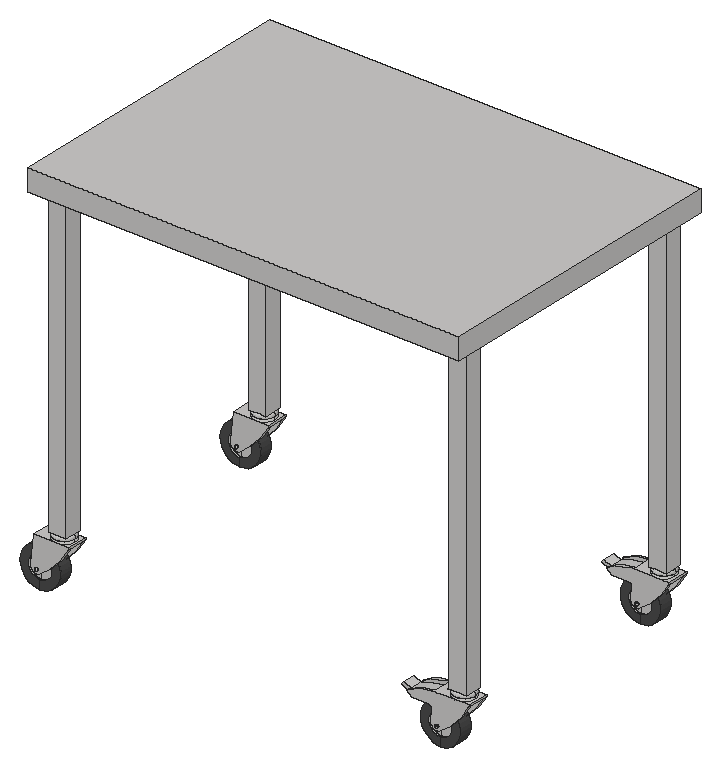
Revit family "QF_ZANUSSI_133241_TG1000MN", category Attrezzature speciali, Revit 2020
Family settings
  Quota connettore circolare = Usa diametro
  Tipo di parte = Normale
  Basato su piano di lavoro = No
  Sempre verticale = Sì
  Taglio con vuoti quando caricato = No
  Condiviso = No
  Punto di calcolo locali = No
Parameters (values of type "Standard")
  Weight = 35.00 kg
  Watts = 0 W
  Volts = 0 V
  URL Manufacturer = "http://www.zanussiprofessional.com"
  URL = "http://www.zanussiprofessional.com"
  Steam Supply Size = 0 mm
  Steam Supply Minimum Pressure = 0.0 Pa
  Steam Supply Maximum Pressure = 0.0 Pa
  Steam Consumption per Hour = 0
  Refrigeration Suction Line Size = 0.0 mm
  Refrigeration Liquid Line Size = 0.0 mm
  Refrigerant Compressor Remote = yes
  Prospetto di default = 0.0 mm
  Produttore = "Zanussi"
  Phase = 0
  Modello = "TG1000MN"
  Length Actual = 1000.0 mm  # constant formula
  Item Number = "133241"
  Hot Water Size = 0 mm
  Height Actual = 900.0 mm  # constant formula
  HP = "0 HP"
  Gas Size = 0 mm
  Gas KW = 0
  Gas Input Pressure = 0 W
  Direct Waste Size = 0 mm
  Descrizione = "WORK TABLE ON WHEELS 1000 MM"
  Depth Actual = 700.0 mm  # constant formula
  Cycle = 0 Hz
  Condensate Return Size = 0 mm
  Compressed Air Volume = 0.0 L/s
  Compressed Air Size = 0 mm
  Compressed Air Pressure = 0.0 Pa
  Cold Water Size = 0 mm
  Accessory = yes
Reference planes
  plane 1 "Center (Front/Back)": y = 0
  plane 2: z = 0
  plane 3 "Center (Left/Right)": x = 100
  plane 4 "LEFT": x = -400
  plane 5 "RIGHT": x = 600
  plane 6 "BACK": y = 350
  plane 7 "FRONT": y = -350
  plane 8 "Base": z = 850
  plane 9 "TOP": z = 900
  plane 10: x = -364.5
  plane 11: x = 564.5
  plane 12: y = 290
  plane 13: y = -290
Forms (mm)
  Extrusion 1, solid, material "QF_Finishes_Stainless Steel"
    sketch origin (0, 0, 900) x (0, 1, 0) y (-1, 0, 0)
      loop
        line (350, 400) -> (-350, 400) -> (-350, -600) -> (350, -600) -> (350, 400)
    from 0 to -50
  Extrusion 2, solid, material "QF_Finishes_Stainless Steel"
    sketch origin (100, 0, 0) x (0, 1, 0) y (0, 0, 1)
      loop
        line (350, 900) -> (-350, 900) -> (-350, 850) -> (350, 850) -> (350, 900)
    from 500 to -500
Lines and regions (mm)
  symbolic lines
    curve 1: line (600, 350, 900) -> (-400, 350, 900)
    curve 2: line (-400, 350, 900) -> (-400, -350, 900)
    curve 3: line (-400, -350, 900) -> (600, -350, 900)
    curve 4: line (600, -350, 900) -> (600, 350, 900)
Dimensions and locks
  plane 4 "LEFT" to plane 5 "RIGHT" = 1000.0 mm
  equal spacing: plane 4 "LEFT", plane 3 "Center (Left/Right)", plane 5 "RIGHT"
  equal spacing: plane 6 "BACK", plane 1 "Center (Front/Back)", plane 7 "FRONT"
  plane 6 "BACK" to plane 7 "FRONT" = 700.0 mm
  plane 8 "Base" to level = 850.0 mm
  plane 9 "TOP" to level = 900.0 mm
  plane 6 "BACK" to plane 12 = 60.0 mm
  plane 13 to plane 7 "FRONT" = 60.0 mm
  plane 4 "LEFT" to plane 10 = 35.5 mm
  plane 11 to plane 5 "RIGHT" = 35.5 mm
  plane 10 to plane 11 = 929.0 mm
  plane 12 to plane 13 = 580.0 mm
  aligned and locked: level to plane 2
  aligned and locked: plane 10 to nested 1
  aligned and locked: nested 1 to plane 13
  aligned and locked: plane 11 to nested 2
  aligned and locked: nested 2 to plane 13
  aligned and locked: plane 11 to nested 4
  aligned and locked: nested 4 to plane 12
  aligned and locked: plane 10 to nested 3
  aligned and locked: nested 3 to plane 12
  aligned and locked: Extrusion 1 sketch curve to plane 6 "BACK"
  aligned and locked: Extrusion 1 sketch curve to plane 4 "LEFT"
  aligned and locked: Extrusion 1 sketch curve to plane 7 "FRONT"
  aligned and locked: Extrusion 1 sketch curve to plane 5 "RIGHT"
  aligned and locked: plane 12 to nested 6
  aligned and locked: plane 11 to nested 6
  aligned and locked: plane 13 to nested 5
  aligned and locked: plane 10 to nested 5
  aligned and locked: plane 12 to nested 7
  aligned and locked: plane 10 to nested 7
  aligned and locked: plane 11 to nested 8
  aligned and locked: plane 13 to nested 8
  aligned and locked: Extrusion 2 sketch curve to plane 6 "BACK"
  aligned and locked: Extrusion 2 sketch curve to plane 9 "TOP"
  aligned and locked: plane 8 "Base" to Extrusion 2 sketch curve
  aligned and locked: plane 7 "FRONT" to Extrusion 2 sketch curve
  aligned and locked: Extrusion 2 to plane 4 "LEFT"
  aligned and locked: plane 5 "RIGHT" to Extrusion 2
  aligned and locked: plane 6 "BACK" to Extrusion 2
  aligned and locked: Extrusion 2 to plane 7 "FRONT"
Automatic sketch dimensions
  curve 2 to plane 4 "LEFT" = 0.0 mm
  curve 2 to plane 7 "FRONT" = 0.0 mm
  curve 2 to plane 6 "BACK" = 0.0 mm
  curve 1 to plane 5 "RIGHT" = 0.0 mm
Nested families
  nested 1: "FEET_40x40_WHEEL" at (-364.5, -290, 0), type "FEET_40x40_WHEEL"
  nested 2: "FEET_40x40_WHEEL" at (564.5, -290, 0), type "FEET_40x40_WHEEL"
  nested 3: "FEET_40x40_WHEEL" at (-364.5, 290, 0), type "FEET_40x40_WHEEL"
  nested 4: "FEET_40x40_WHEEL" at (564.5, 290, 0), type "FEET_40x40_WHEEL"
  nested 5: "WHEEL130" at (-364.5, -190.35, 0), type "WHEEL130"
    with Type Mark "", Status "", Specification by User "", Revision Code "", Installed By "", Identify Quantity as Lot yes, Furnished By "", Foodservice Equipment Identifier yes
  nested 6: "WHEEL130_LOCKED" at (564.5, 389.65, 0), type "WHEEL130_LOCKED"
    with Type Mark "", Status "", Specification by User "", Revision Code "", Installed By "", Identify Quantity as Lot yes, Furnished By "", Foodservice Equipment Identifier yes
  nested 7: "WHEEL130" at (-364.5, 389.65, 0), type "WHEEL130"
    with Type Mark "", Status "", Specification by User "", Revision Code "", Installed By "", Identify Quantity as Lot yes, Furnished By "", Foodservice Equipment Identifier yes
  nested 8: "WHEEL130_LOCKED" at (564.5, -190.35, 0), type "WHEEL130_LOCKED"
    with Type Mark "", Status "", Specification by User "", Revision Code "", Installed By "", Identify Quantity as Lot yes, Furnished By "", Foodservice Equipment Identifier yes
Definition of nested family "FEET_40x40_WHEEL"
  Parameters
    Default Elevation = 0.0 mm
    FEET = 850.0 mm
  Reference planes
    plane 1 "Center (Front/Back)": y = 0
    plane 2: z = 0
    plane 3 "Center (Left/Right)": x = 0
    plane 4: z = 850
  Forms (mm)
    Extrusion 1, solid
      sketch origin (0, 0, 0) x (1, 0, 0) y (0, 1, 0)
        loop
          line (-20, -20) -> (20, -20) -> (20, 20) -> (-20, 20) -> (-20, -20)
      from 130 to 845
    Extrusion 2, solid
      sketch origin (0, 0, 0) x (1, 0, 0) y (0, 1, 0)
        loop
          line (30, 30) -> (-30, 30) -> (-30, -30) -> (30, -30) -> (30, 30)
      from 845 to 850
  Lines and regions (mm)
    symbolic lines
      curve 1: line (0, -1.503, 0) -> (0, 1.508, 0)
      curve 2: line (1.561, 0, 0) -> (-1.439, 0, 0)
  Dimensions and locks
    "FEET": plane 4 to plane 2
    aligned and locked: level to plane 2
  Automatic sketch dimensions
    Extrusion 1 sketch curve to plane 3 "Center (Left/Right)" = 20.0 mm
    plane 3 "Center (Left/Right)" to Extrusion 1 sketch curve = 20.0 mm
    plane 1 "Center (Front/Back)" to Extrusion 1 sketch curve = 20.0 mm
    Extrusion 1 sketch curve to plane 1 "Center (Front/Back)" = 20.0 mm
    plane 3 "Center (Left/Right)" to Extrusion 2 sketch curve = 30.0 mm
    Extrusion 2 sketch curve to plane 1 "Center (Front/Back)" = 30.0 mm
    Extrusion 2 sketch curve to plane 3 "Center (Left/Right)" = 30.0 mm
    plane 1 "Center (Front/Back)" to Extrusion 2 sketch curve = 30.0 mm
    plane 1 "Center (Front/Back)" to curve 2 = 0.0 mm
    curve 1 to plane 3 "Center (Left/Right)" = 0.0 mm
    curve 2 to plane 3 "Center (Left/Right)" = 1.439 mm
    plane 3 "Center (Left/Right)" to curve 2 = 1.561 mm
    plane 1 "Center (Front/Back)" to curve 1 = 1.503 mm
    curve 1 to plane 1 "Center (Front/Back)" = 1.508 mm
Definition of nested family "WHEEL130"
  Parameters
    Weight = ""
    URL Manufacturer = ""
    URL Cutsheet = ""
    URL = ""
    Type Mark [instance] = ""
    Status [instance] = ""
    Specification by User [instance] = ""
    Specification by Manufacturer = ""
    Serial Number = ""
    Seismic Rating = ""
    SMACNA No = ""
    Revision Code [instance] = ""
    Default Elevation = 0.0 mm
    Omniclass Number and Title = ""
    NAFEM Spec ID Number = ""
    Model = ""
    MasterSpec. = ""
    Manufacturer = ""
    Installed By [instance] = ""
    Identify Quantity as Lot [instance] = yes
    Furnished By [instance] = ""
    Foodservice Equipment Identifier [instance] = yes
    Description = ""
    CSI MasterFormat = ""
    CSI Master Format = ""
    Assembly Code = ""
  Reference planes
    plane 1: z = 0
    plane 2 "Center (Front/Back)": y = -99.65
    plane 3 "Center (Left/Right)": x = 0
    plane 4 "TOP": z = 130
    plane 5 "Center X Caster": x = -44
  Forms (mm)
    Revolve 1, solid
      sketch origin (-44, -53.609, -25.504) x (0, -1, 0) y (0, 0, 1)
        loop
          line (26.04, 72.523) -> (26.04, 66.136) -> (35.372, 66.136) -> (35.372, 45.418) -> (31.533, 45.418) -> (31.533, 25.504) -> (60.548, 25.504) -> (60.548, 45.418) -> (56.709, 45.418) -> (56.709, 66.136) -> (66.04, 66.136) -> (66.04, 72.523) -> (26.04, 72.523)
        loop
          line (71.04, 69.259) -> (72.755, 69.259) -> (74.056, 70.56) -> (74.056, 72.523) -> (71.04, 72.523) -> (71.04, 69.259)
        loop
          line (21.099, 69.259) -> (21.099, 72.523) -> (18.053, 72.523) -> (18.053, 70.56) -> (19.353, 69.259) -> (21.099, 69.259)
        axis (18.053, 72.523) -> (74.056, 72.523)
      angle from 0 to 360
    Extrusion 2, solid
      sketch origin (0, -99.65, 0) x (-1, 0, 0) y (0, 0, 1)
        loop
          line (51.098, 117.019) -> (-30.875, 117.019) -> (-30.453, 113.093)
          arc (-30.453, 113.093) -> (-1.61, 71.515) -> (37.622, 39.556) r 180.858
          arc (37.622, 39.556) -> (51.933, 40.484) -> (57.92, 53.515) r 14
          line (57.92, 53.515) -> (51.098, 117.019)
        loop
          circle (44, 47.019) r 3.264
      from -20 to -25
    Extrusion 3, solid
      sketch origin (0, -99.65, 0) x (-1, 0, 0) y (0, 0, 1)
        loop
          line (51.098, 117.019) -> (-30.875, 117.019) -> (-30.453, 113.093)
          arc (-30.453, 113.093) -> (-1.61, 71.515) -> (37.622, 39.556) r 180.858
          arc (37.622, 39.556) -> (51.933, 40.484) -> (57.92, 53.515) r 14
          line (57.92, 53.515) -> (51.098, 117.019)
        loop
          circle (44, 47.019) r 3.264
      from 20 to 25
    Revolve 4, solid
      sketch origin (0, -99.65, 0) x (-1, 0, 0) y (0, 0, 1)
        loop
          line (0, 130) -> (-20, 130)
          arc (-20, 130) -> (-23.905, 128.171) -> (-25, 124) r 5.083
          line (-25, 124) -> (-22.422, 124) -> (-22.422, 121.88) -> (-24.688, 117.019) -> (0, 117.019) -> (0, 130)
        axis (0, 130) -> (0, 117.019)
      angle from 0 to 360
    Extrusion 5, solid
      sketch origin (0, -99.65, 0) x (-1, 0, 0) y (0, 0, 1)
        loop
          line (-30.875, 117.019) -> (-30.453, 113.093) -> (51.519, 113.093) -> (51.098, 117.019) -> (-30.875, 117.019)
      from -20 to 20
  Cuts and joins
    joined: Extrusion 2, Extrusion 3, Extrusion 5
  Lines and regions (mm)
    symbolic lines
      curve 1: line (-10, -99.65, 0) -> (10, -99.65, 0)
      curve 2: line (0, -108.445, 0) -> (0, -90.405, 0)
  Dimensions and locks
    plane 4 "TOP" to level = 130.0 mm  (x3)
    aligned and locked: level to plane 1
Definition of nested family "WHEEL130_LOCKED"
  Parameters
    Weight = ""
    URL Manufacturer = ""
    URL Cutsheet = ""
    URL = ""
    Type Mark [instance] = ""
    Status [instance] = ""
    Specification by User [instance] = ""
    Specification by Manufacturer = ""
    Serial Number = ""
    Seismic Rating = ""
    SMACNA No = ""
    Revision Code [instance] = ""
    Default Elevation = 0.0 mm
    Omniclass Number and Title = ""
    NAFEM Spec ID Number = ""
    Model = ""
    MasterSpec. = ""
    Manufacturer = ""
    Installed By [instance] = ""
    Identify Quantity as Lot [instance] = yes
    Furnished By [instance] = ""
    Foodservice Equipment Identifier [instance] = yes
    Description = ""
    CSI MasterFormat = ""
    CSI Master Format = ""
    Assembly Code = ""
  Reference planes
    plane 1: z = 0
    plane 2 "Center (Front/Back)": y = -99.65
    plane 3 "Center (Left/Right)": x = 0
    plane 4 "TOP": z = 130
    plane 5 "Center X Caster": x = -44
  Forms (mm)
    Revolve 1, solid
      sketch origin (-44, -53.609, -25.504) x (0, -1, 0) y (0, 0, 1)
        loop
          line (26.04, 72.523) -> (26.04, 66.136) -> (35.372, 66.136) -> (35.372, 45.418) -> (31.533, 45.418) -> (31.533, 25.504) -> (60.548, 25.504) -> (60.548, 45.418) -> (56.709, 45.418) -> (56.709, 66.136) -> (66.04, 66.136) -> (66.04, 72.523) -> (26.04, 72.523)
        loop
          line (71.04, 69.259) -> (72.755, 69.259) -> (74.056, 70.56) -> (74.056, 72.523) -> (71.04, 72.523) -> (71.04, 69.259)
        loop
          line (21.099, 69.259) -> (21.099, 72.523) -> (18.053, 72.523) -> (18.053, 70.56) -> (19.353, 69.259) -> (21.099, 69.259)
        axis (18.053, 72.523) -> (74.056, 72.523)
      angle from 0 to 360
    Extrusion 2, solid
      sketch origin (0, -99.65, 0) x (-1, 0, 0) y (0, 0, 1)
        loop
          line (56.125, 117.019) -> (-30.875, 117.019) -> (-30.453, 113.093)
          arc (-30.453, 113.093) -> (-1.61, 71.515) -> (37.622, 39.556) r 180.858
          arc (37.622, 39.556) -> (51.933, 40.484) -> (57.92, 53.515) r 14
          line (57.92, 53.515) -> (55.234, 78.516)
          arc (55.234, 78.516) -> (57.071, 84.203) -> (62.528, 86.637) r 7.337
          line (62.528, 86.637) -> (102.952, 86.637) -> (113.559, 97.243)
          arc (113.559, 97.243) -> (85.909, 110.231) -> (56.125, 117.019) r 142.32
        loop
          circle (44, 47.019) r 3.264
      from -20 to -25
    Extrusion 3, solid
      sketch origin (0, -99.65, 0) x (-1, 0, 0) y (0, 0, 1)
        loop
          line (56.125, 117.019) -> (-30.875, 117.019) -> (-30.453, 113.093)
          arc (-30.453, 113.093) -> (-1.61, 71.515) -> (37.622, 39.556) r 180.858
          arc (37.622, 39.556) -> (51.933, 40.484) -> (57.92, 53.515) r 14
          line (57.92, 53.515) -> (55.234, 78.516)
          arc (55.234, 78.516) -> (57.071, 84.203) -> (62.528, 86.637) r 7.337
          line (62.528, 86.637) -> (102.952, 86.637) -> (113.559, 97.243)
          arc (113.559, 97.243) -> (85.909, 110.231) -> (56.125, 117.019) r 142.32
        loop
          circle (44, 47.019) r 3.264
      from 20 to 25
    Extrusion 4, solid
      sketch origin (0, -99.65, 0) x (-1, 0, 0) y (0, 0, 1)
        loop
          line (133.012, 98.841) -> (130.309, 103.34) -> (113.559, 97.243)
          arc (113.559, 97.243) -> (84.897, 105.851) -> (55.427, 111.06) r 256.377
          line (55.427, 111.06) -> (44.82, 111.06)
          arc (44.82, 111.06) -> (37.781, 106.584) -> (38.85, 98.311) r 7.772
          line (38.85, 98.311) -> (105.452, 92.484) -> (114.112, 87.484) -> (133.012, 98.841)
        loop
          circle (44, 105.324) r 3.494
      from -14.507 to 14.507
    Extrusion 5, solid
      sketch origin (0, -99.65, 0) x (-1, 0, 0) y (0, 0, 1)
        loop
          circle (44, 105.324) r 3.494
      from -20 to 20
    Revolve 6, solid
      sketch origin (0, -99.65, 0) x (-1, 0, 0) y (0, 0, 1)
        loop
          line (0, 130) -> (-20, 130)
          arc (-20, 130) -> (-23.905, 128.171) -> (-25, 124) r 5.083
          line (-25, 124) -> (-22.422, 124) -> (-22.422, 121.88) -> (-24.688, 117.019) -> (0, 117.019) -> (0, 130)
        axis (0, 130) -> (0, 117.019)
      angle from 0 to 360
    Extrusion 7, solid
      sketch origin (0, -99.65, 0) x (-1, 0, 0) y (0, 0, 1)
        loop
          line (-30.875, 117.019) -> (-30.453, 113.093) -> (51.519, 113.093) -> (51.098, 117.019) -> (-30.875, 117.019)
      from -20 to 20
  Cuts and joins
    joined: Extrusion 2, Extrusion 3, Extrusion 7
  Lines and regions (mm)
    symbolic lines
      curve 1: line (11.908, -99.65, 0) -> (-11.403, -99.65, 0)
      curve 2: line (0, -111.652, 0) -> (0, -88.928, 0)
  Dimensions and locks
    plane 4 "TOP" to level = 130.0 mm  (x3)
    aligned and locked: level to plane 1
